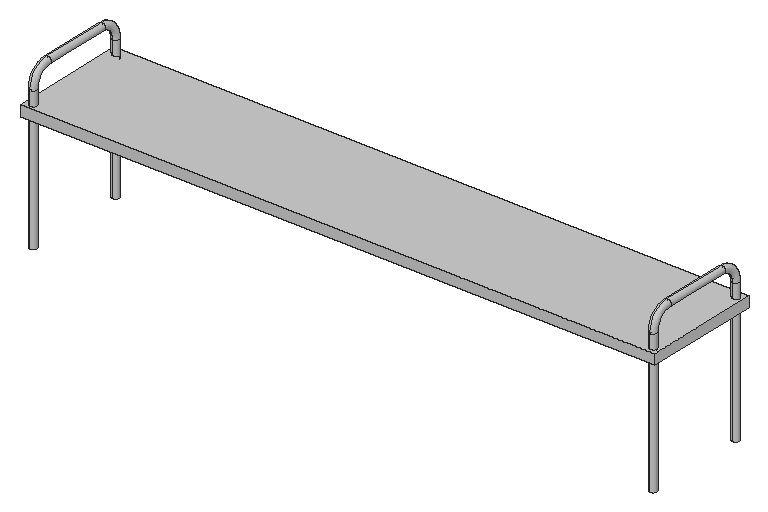
Revit family "QF_INOMAK_RE318_250610101440", category Specialty Equipment, Revit 2021
Family settings
  Round Connector Dimension = Use Diameter
  Part Type = Normal
  OmniClass Number = 23.40.40.14
  OmniClass Title = Food Service Equipment
  Work Plane-Based = No
  Always vertical = Yes
  Cut with Voids When Loaded = No
  Shared = No
  Room Calculation Point = No
Parameters (values of type "RE318")
  Weight [instance] = 9.49822 kg
  Warranty Start Date [instance] = ""
  Warranty Duration [instance] = ""
  URL Recommended Spares List [instance] = ""
  URL Manufacturer [instance] = ""
  URL Cutsheet [instance] = ""
  URL Critical Spares List [instance] = ""
  URL = "www.inomak.com"
  Technical Documentation [instance] = ""
  Tag Number [instance] = ""
  Status [instance] = ""
  Specification by User [instance] = ""
  Specification by Manufacturer [instance] = ""
  Sound Level [instance] = ""
  Show Logo [instance] = yes
  Show Clearances [instance] = yes
  Service Life Duration [instance] = ""
  Serial Number [instance] = ""
  Seismic Rating [instance] = ""
  SMACNA No [instance] = ""
  Revision Code [instance] = ""
  Revision [instance] = ""
  Production Year [instance] = ""
  Point Load [instance] = 0
  Other Equipment Approvals [instance] = ""
  NAFEM Spec ID Number [instance] = ""
  Model Warning [instance] = ""
  Model = "RE318"
  Masterspec [instance] = ""
  Manufacturer = "INOMAK"
  Length Actual [instance] = 1791.97 mm
  Item Number [instance] = ""
  Installed By [instance] = ""
  Installation Date [instance] = ""
  Identify Quantity as Lot [instance] = no
  ID [instance] = ""
  Hygiene Approval [instance] = ""
  Height Actual [instance] = 462.026 mm
  Furnished By [instance] = ""
  Foodservice Equipment Identifier [instance] = no
  ETL Approved [instance] = no
  Description = "TOP FITTED SINGLE SHELF"
  Depth Actual [instance] = 331.978 mm
  Default Elevation = 0 mm
  Cost = 0
  CSI MasterFormat [instance] = ""
  CE Approved [instance] = no
  Barcode [instance] = 0
  Author [instance] = ""
  Asset Identifier [instance] = ""
  Accessory [instance] = no
Reference planes
  plane 1 "Center (Front/Back)": y = 0
  plane 2: z = 0
  plane 3 "Center (Left/Right)": x = 0
Dimensions and locks
  aligned and locked: level to plane 2
Nested families
  nested 1: "QF_INOMAK_GANTRIES_SINGLE_SHELF_2920" at (0, 0, 0), type "RE318"
    with Weight 9.49822 kg, Warranty Start Date "", Warranty Duration "", URL Cutsheet "", Technical Documentation "", Tag Number "", Status "", Specification by User "", Specification by Manufacturer "", Sound Level "", Solid Fuel Type "", Show Logo yes, Show Clearances yes, Service Life Duration "", Serial Number "", Seismic Rating "", SMACNA No "", Revision Code "", Revision "", Production Year "", Point Load 0, Other Equipment Approvals "", NAFEM Spec ID Number "", Model Warning "", Masterspec "", Length Actual 1791.97 mm, Item Number "", Installed By "", Installation Date "", Identify Quantity as Lot yes, ID "", Hygiene Approval "", Height Actual 462.026 mm, Furnished By "", Foodservice Equipment Identifier yes, ETL Approved yes, Depth Actual 331.978 mm, CSI MasterFormat "", CE Approved yes, Barcode "", Author "", Asset Identifier "", Accessory no
Definition of nested family "QF_INOMAK_GANTRIES_SINGLE_SHELF_2920"
  Parameters (values of type "RE318")
    Weight [instance] = 0.00 kg
    Warranty Start Date [instance] = ""
    Warranty Duration [instance] = ""
    URL Cutsheet [instance] = ""
    URL = "www.inomak.com"
    Technical Documentation [instance] = ""
    Tag Number [instance] = ""
    Status [instance] = ""
    Specification by User [instance] = ""
    Specification by Manufacturer [instance] = ""
    Sound Level [instance] = ""
    Solid Fuel Type [instance] = ""
    Show Logo [instance] = yes
    Show Clearances [instance] = yes
    Service Life Duration [instance] = ""
    Serial Number [instance] = ""
    Seismic Rating [instance] = ""
    SMACNA No [instance] = ""
    Revision Code [instance] = ""
    Revision [instance] = ""
    Production Year [instance] = ""
    Point Load [instance] = 0
    Other Equipment Approvals [instance] = ""
    NAFEM Spec ID Number [instance] = ""
    Model Warning [instance] = ""
    Model = "RE318"
    Masterspec [instance] = ""
    Manufacturer = "INOMAK"
    Length Actual [instance] = 1792 mm
    Item Number [instance] = ""
    Installed By [instance] = ""
    Installation Date [instance] = ""
    Identify Quantity as Lot [instance] = yes
    ID [instance] = ""
    Hygiene Approval [instance] = ""
    Height Actual [instance] = 462 mm
    Furnished By [instance] = ""
    Foodservice Equipment Identifier [instance] = yes
    ETL Approved [instance] = yes
    Description = "TOP FITTED SINGLE SHELF"
    Depth Actual [instance] = 332 mm
    Default Elevation = 0 mm
    CSI MasterFormat [instance] = ""
    CE Approved [instance] = yes
    Barcode [instance] = ""
    Author [instance] = ""
    Asset Identifier [instance] = ""
    Assembly Code = "E1090320"
    Accessory [instance] = yes
  Types (5, lengths in mm): name | Model | Length Actual
    RE311 | "RE311" | 1092
    RE314 | "RE314" | 1392
    RE316 | "RE316" | 1592
    RE318 | "RE318" | 1792
    RE319 | "RE319" | 1892
  Reference planes
    plane 1 "Back": y = 0
    plane 2: z = 0
    plane 3 "Left": x = 0
    plane 4 "Right": x = 1792
    plane 5 "Front": y = -332
    plane 6 "Top": z = 462
    plane 7: z = 362
  Forms (mm)
    Extrusion 1, solid
      sketch origin (0, 0, 362) x (0, 1, 0) y (-1, 0, 0)
        loop
          line (0, 0) -> (-332, 0) -> (-332, -1792) -> (0, -1792) -> (0, 0)
      from 0 to -30
    Sweep 2, solid
      path origin (0, 0, 0) x (0, 1, 0) y (0, 0, 1)
        loop
          line (-20, 0) -> (-20, 402)
          arc (-20, 402) -> (-34.645, 437.355) -> (-70, 452) r 50
          line (-70, 452) -> (-262, 452)
          arc (-262, 452) -> (-297.355, 437.355) -> (-312, 402) r 50
          line (-312, 402) -> (-312, 0)
      profile origin (0, -20, 201) x (0, -1, 0) y (1, 0, 0)
        loop
          circle (0, 20) r 10
    Sweep 3, solid
      path origin (1792, -1434.717, 4000) x (0, -1, 0) y (0, 0, 1)
        loop
          line (-1414.717, -4000) -> (-1414.717, -3598)
          arc (-1414.717, -3598) -> (-1400.073, -3562.645) -> (-1364.717, -3548) r 50
          line (-1364.717, -3548) -> (-1172.717, -3548)
          arc (-1172.717, -3548) -> (-1137.362, -3562.645) -> (-1122.717, -3598) r 50
          line (-1122.717, -3598) -> (-1122.717, -4000)
      profile origin (1792, -20, 201) x (0, 1, 0) y (-1, 0, 0)
        loop
          circle (0, 20) r 10
  Lines and regions (mm)
    symbolic lines
      curve 1: line (0, 0, 0) -> (1792, 0, 0)
      curve 2: line (0, -332, 0) -> (0, 0, 0)
      curve 3: line (1792, -332, 0) -> (0, -332, 0)
      curve 4: line (1792, 0, 0) -> (1792, -332, 0)
      curve 5: arc (10, -20, 0) -> (20, -10, 0) -> (30, -20, 0) r 10
      curve 6: arc (10, -312, 0) -> (20, -322, 0) -> (30, -312, 0) r 10
      curve 7: line (30, -312, 0) -> (30, -20, 0)
      curve 8: line (10, -20, 0) -> (10, -312, 0)
      curve 9: arc (1782, -20, 0) -> (1772, -10, 0) -> (1762, -20, 0) r 10
      curve 10: arc (1782, -312, 0) -> (1772, -322, 0) -> (1762, -312, 0) r 10
      curve 11: line (1762, -312, 0) -> (1762, -20, 0)
      curve 12: line (1782, -20, 0) -> (1782, -312, 0)
  Dimensions and locks
    "Length Actual": plane 3 "Left" to plane 4 "Right"
    "Depth Actual": plane 5 "Front" to plane 1 "Back"
    "Height Actual": plane 6 "Top" to plane 2
    locked: plane 6 "Top" to plane 7 at 100
    aligned and locked: level to plane 2
  Automatic sketch dimensions
    Sweep 2 sketch curve to level = 0 mm  (x2)
    plane 5 "Front" to Sweep 2 sketch curve = 20 mm
    Sweep 2 sketch curve to plane 6 "Top" = 10 mm
    plane 5 "Front" to Sweep 2 sketch curve = 70 mm
    plane 1 "Back" to Sweep 2 sketch curve = 70 mm
    plane 1 "Back" to Sweep 2 sketch curve = 20 mm
    Sweep 2 sketch curve to profile plane = 0 mm
    plane 3 "Left" to Sweep 2 sketch curve = 20 mm
    profile plane to Sweep 3 sketch curve = 0 mm
    profile plane to Sweep 3 sketch curve = 20 mm
    Sweep 3 sketch curve to level = 0 mm  (x2)
    plane 1 "Back" to Sweep 3 sketch curve = 20 mm
    Sweep 3 sketch curve to Sweep 3 sketch curve = 50 mm
    plane 5 "Front" to Sweep 3 sketch curve = 70 mm
    plane 5 "Front" to Sweep 3 sketch curve = 20 mm
    Sweep 3 sketch curve to plane 6 "Top" = 60 mm
    Extrusion 1 sketch curve to plane 3 "Left" = 0 mm
    Extrusion 1 sketch curve to plane 5 "Front" = 0 mm
    plane 1 "Back" to Extrusion 1 sketch curve = 0 mm
    Extrusion 1 sketch curve to plane 4 "Right" = 0 mm
    curve 3 to plane 3 "Left" = 0 mm
    curve 3 to plane 4 "Right" = 0 mm
    curve 3 to plane 5 "Front" = 0 mm
    plane 1 "Back" to curve 2 = 0 mm
    plane 3 "Left" to curve 8 = 10 mm
    curve 6 to curve 6 = 10 mm
    plane 4 "Right" to curve 11 = 30 mm
    curve 9 to curve 9 = 10 mm
    plane 5 "Front" to curve 11 = 20 mm
    plane 5 "Front" to curve 7 = 20 mm
    plane 1 "Back" to curve 7 = 20 mm
    plane 1 "Back" to curve 9 = 20 mm
    radius of Sweep 2 sketch curve = 10 mm
    radius of Sweep 3 sketch curve = 10 mm
